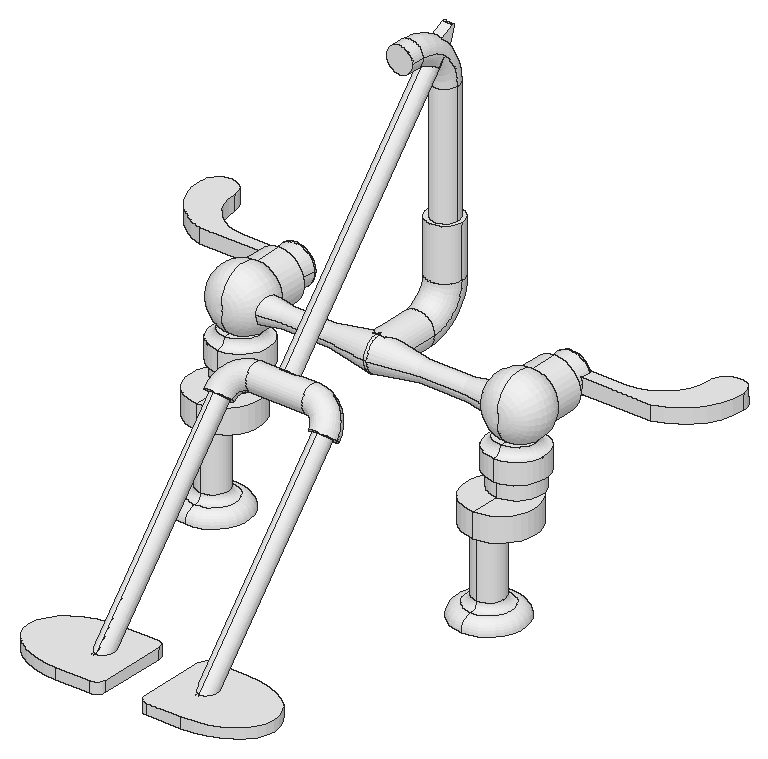
Revit family "Faucet-Wall_Mounted-American_Standard-Yoke-8355_Series", category Plumbing Fixtures, host Face, Revit 2018
Family settings
  Host = Face
  Round Connector Dimension = Use Diameter
  Part Type = Normal
  OmniClass Number = 23.45.55.17
  OmniClass Title = Mixing Faucets
  Cut with Voids When Loaded = No
  Shared = Yes
  Room Calculation Point = No
Parameters (values of type "8355.101.002")
  Width = 2 3/4"
  Waste Connection = no
  WFU = 0
  Vent Connection = no
  Vacuum Breaker = no
  URL = "http://www.americanstandard-us.com"
  Type Comments = ""
  Specification = "Exposed Yoke Wall-Mount Utility Faucet with Vacuum Breaker Bottom fork brace. Cast brass spout with vacuum breaker. Ceramic disc valves. Integral supply stops. Offset shanks with integral check valves. Vandal-resistant Wrist Blade Handles. Bucket hook. 3/4\" threaded hose end. 1/2\" NPT female inlets. Adjustable centers-to-centers: 6\"-10\" (152 - 254 mm)."
  Revised Date = "02/08/2017"  # constant formula
  Product Page URL = "https://www.americanstandard-us.com/bathroom/commercial-faucets/service-sink-faucet-with-bottom-brace-6-inch-spout-supply-stops-offset-shanks-21639"
  Product Documentation Link = "https://www.americanstandard-us.com/-/media/sites/asus/files/product-specs/bulk/specsheet8355101.pdf?la=en"
  Price = "Prices may vary. Please consult Manufacturer Representative for most up-to-date price list."  # constant formula
  Model = "8355.101.002"
  Material = "Metal-American_Standard-002-Polished_Chrome"
  Manufacturer = "American Standard"
  Length = 5 7/8"
  Installation Type = "Wall Mounted"
  Hot Water Connection Diameter = 1/2"  # constant formula
  Height = 2 3/4"
  HWFU = 1.5
  HW Connection = yes
  Description = "Exposed Yoke Wall-Mount Utility Faucet With Bottom Fork Brace and Offset Shanks."
  Default Elevation = 36"
  Creation Date = "28/2/2012"  # constant formula
  Cold Water Connection Diameter = 1/2"  # constant formula
  CWFU = 1.5
  CW Connection = yes
  Assembly Code = "D2020300"
  ADA Compliant = yes
Types (3): name | Vacuum Breaker | Model
  (no name) | no | "8355.101.002"
  8355.101.002 | no | "8355.101.002"
  8355.110.002 | yes | "8355.110.002"
Reference planes (in)
  plane 1 "Center (Front/Back)": y = 0
  plane 2: z = 0
  plane 3 "Center (Left/Right)": x = 0
  plane 4: y = 4.88432
  plane 5: x = -4
  plane 6: x = 4
  plane 7: x = -7.875
  plane 8: x = 7.875
  plane 9: z = 12.25
  plane 10: y = 2.40003
Forms (in)
  Revolve 1, solid, material "Metal-American Standard-002-Polished Chrome"
    sketch origin (4, 1, 0) x (0, 0, -1) y (0, 1, 0)
      loop
        arc (0, 0) -> (-0.25, -0.10355) -> (-0.35355, -0.35355) r 0.35355
        arc (-0.35355, -0.35355) -> (-0.41764, -0.50828) -> (-0.57237, -0.57237) r 0.21881
        line (-0.57237, -0.57237) -> (-2.25446, -0.57237) -> (-2.25446, -1) -> (0, -1) -> (0, 0)
      axis (0, -1) -> (-2.25446, -1)
    angle from 0 to 360
  Revolve 2, solid, material "Metal-American Standard-002-Polished Chrome"
    sketch origin (4, 1, 0) x (0, 0, -1) y (0, 1, 0)
      loop
        line (-2.25446, -0.57237) -> (-2.25446, 0.42763) -> (-2.94317, 0.42763) -> (-2.94317, -0.57237) -> (-2.25446, -0.57237)
      axis (-2.25446, -0.57237) -> (-2.94317, -0.57237)
    angle from 0 to 360
  Revolve 3, solid, material "Metal-American Standard-002-Polished Chrome"
    sketch origin (4, 1.57237, 0) x (0, 0, -1) y (0, 1, 0)
      loop
        line (-4.25, 0) -> (-4.25, -0.57237) -> (-2.94317, -0.57237) -> (-2.94317, 0.14018) -> (-3.40569, 0.14018) -> (-3.40569, 0.2532) -> (-3.9968, 0.2532)
        arc (-3.9968, 0.2532) -> (-4.07096, 0.07416) -> (-4.25, 0) r 0.2532
      axis (-2.94317, -0.57237) -> (-4.25, -0.57237)
    angle from 0 to 360
  Revolve 4, solid, material "Metal-American Standard-002-Polished Chrome"
    sketch origin (-4, 1, 0) x (0, 0, -1) y (0, -1, 0)
      loop
        line (0, 0) -> (0, 1) -> (-2.25446, 1) -> (-2.25446, 0.57237) -> (-0.57237, 0.57237)
        arc (-0.57237, 0.57237) -> (-0.41764, 0.50828) -> (-0.35355, 0.35355) r 0.21881
        arc (-0.35355, 0.35355) -> (-0.25, 0.10355) -> (0, 0) r 0.35355
      axis (0, 1) -> (-2.25446, 1)
    angle from 0 to 360
  Revolve 5, solid, material "Metal-American Standard-002-Polished Chrome"
    sketch origin (-4, 1, 0) x (0, 0, -1) y (0, -1, 0)
      loop
        line (-2.25446, 0.57237) -> (-2.94317, 0.57237) -> (-2.94317, -0.42763) -> (-2.25446, -0.42763) -> (-2.25446, 0.57237)
      axis (-2.25446, 0.57237) -> (-2.94317, 0.57237)
    angle from 0 to 360
  Revolve 6, solid, material "Metal-American Standard-002-Polished Chrome"
    sketch origin (-4, 1.57237, 0) x (0, 0, -1) y (0, -1, 0)
      loop
        arc (-4.25, 0) -> (-4.07096, -0.07416) -> (-3.9968, -0.2532) r 0.2532
        line (-3.9968, -0.2532) -> (-3.40569, -0.2532) -> (-3.40569, -0.14018) -> (-2.94317, -0.14018) -> (-2.94317, 0.57237) -> (-4.25, 0.57237) -> (-4.25, 0)
      axis (-2.94317, 0.57237) -> (-4.25, 0.57237)
    angle from 0 to 360
  Revolve 7, solid, material "Metal-American Standard-002-Polished Chrome"
    sketch origin (-4, 1, 0) x (0, 0, -1) y (0, -1, 0)
      loop
        line (-4.97838, 0.68627) -> (-4.97838, -1.65156) -> (-4.52989, -1.65156)
        arc (-4.52989, -1.65156) -> (-4.49894, -1.63975) -> (-4.48373, -1.61033) r 0.04646
        arc (-4.48373, -1.61033) -> (-4.40668, -1.46138) -> (-4.25, -1.4016) r 0.23522
        line (-4.25, -1.4016) -> (-4.25, -0.60604)
        arc (-4.25, -0.60604) -> (-4.18176, 0.28384) -> (-4.97838, 0.68627) r 0.80235
      axis (-4.97838, 0.68627) -> (-4.97838, -1.65156)
    angle from 0 to 360
  Revolve 8, solid, material "Metal-American Standard-002-Polished Chrome"
    sketch origin (0, 0.37321, 5) x (-1, 0, 0) y (0, -1, 0)
      loop
        line (3.50297, -1.95761) -> (3.43409, -2.61296)
        arc (3.43409, -2.61296) -> (3.44752, -2.65431) -> (3.48724, -2.67199) r 0.05345
        line (3.48724, -2.67199) -> (4, -2.67199) -> (4, -1.95761) -> (3.50297, -1.95761)
      axis (4, -1.95761) -> (4, -2.67199)
    angle from 0 to 360
  Extrusion 9, solid, material "Metal-American Standard-002-Polished Chrome"
    sketch origin (0, 0.37126, 0) x (-1, 0, 0) y (0, -1, 0)
      loop
        line (4, -2.67345) -> (5.53539, -2.67345)
        arc (5.53539, -2.67345) -> (6.48264, -3.06581) -> (6.875, -4.01306) r 1.33961
        arc (6.875, -4.01306) -> (7.375, -4.51306) -> (7.875, -4.01306) r 0.5
        arc (7.875, -4.01306) -> (7.49949, -2.93471) -> (6.53539, -2.32284) r 1.7361
        line (6.53539, -2.32284) -> (4, -2.32284) -> (4, -2.67345)
      loop
        line (-4, -2.67345) -> (-4, -2.32284) -> (-6.53539, -2.32284)
        arc (-6.53539, -2.32284) -> (-7.49949, -2.93471) -> (-7.875, -4.01306) r 1.7361
        arc (-7.875, -4.01306) -> (-7.375, -4.51306) -> (-6.875, -4.01306) r 0.5
        arc (-6.875, -4.01306) -> (-6.48264, -3.06581) -> (-5.53539, -2.67345) r 1.33961
        line (-5.53539, -2.67345) -> (-4, -2.67345)
    from 4.7717 to 5.19353
  Revolve 10, solid, material "Metal-American Standard-002-Polished Chrome"
    sketch origin (0, 1, 4.97838) x (1, 0, 0) y (0, 1, 0)
      loop
        arc (-0.03663, 0.49131) -> (-2.01882, 0.26368) -> (-4, 0.5) r 8.5806
        line (-4, 0.5) -> (-4, 0) -> (0, 0) -> (4, 0) -> (4, 0.5)
        arc (4, 0.5) -> (2.01882, 0.26368) -> (0.03663, 0.49131) r 8.5806
        arc (0.03663, 0.49131) -> (0, 0.49555) -> (-0.03663, 0.49131) r 0.16007
      axis (4, 0) -> (-4, 0)
    angle from 0 to 360
  Sweep 11, solid, material "Metal-American Standard-002-Polished Chrome"
    path origin (0, 1, 0) x (0, 0, -1) y (0, 1, 0)
      loop
        line (-4.97838, 0) -> (-4.97838, 1.4016)
        arc (-4.97838, 1.4016) -> (-5.27355, 2.11419) -> (-5.98613, 2.40935) r 1.00775
        line (-5.98613, 2.40935) -> (-7.48613, 2.40935)
    profile origin (0, 1.7008, 4.97838) x (0, 0, 1) y (1, 0, 0)
      loop
        circle (0, 0) r 0.5
  Sweep 12, solid, material "Metal-American Standard-002-Polished Chrome"
    path origin (0, 1, 0) x (0, 0, -1) y (0, 1, 0)
      loop
        line (-7.48613, 2.40935) -> (-10.98763, 2.40935)
        arc (-10.98763, 2.40935) -> (-11.88026, 2.03961) -> (-12.25, 1.14698) r 1.26237
        line (-12.25, 1.14698) -> (-12.25, 0.76577)
    profile origin (0, 3.40935, 9.23688) x (0, -1, 0) y (1, 0, 0)
      loop
        circle (0, 0) r 0.375
  Extrusion 13, solid, material "Metal-American Standard-002-Polished Chrome"
    sketch origin (0, 1, 0) x (1, 0, 0) y (0, 1, 0)
      loop
        arc (0.81593, -7) -> (0.63916, -7.07322) -> (0.56593, -7.25) r 0.25
        line (0.56593, -7.25) -> (0.56593, -9.18114)
        arc (0.56593, -9.18114) -> (0.63916, -9.35792) -> (0.81593, -9.43114) r 0.25
        line (0.81593, -9.43114) -> (1.81593, -9.43114)
        spline (1.81593, -9.43114) -> (2.26887, -9.38972) -> (2.69093, -9.26829) -> (3.05337, -9.07511) -> (3.33148, -8.82336) -> (3.5063, -8.53019) -> (3.56593, -8.21557) -> (3.5063, -7.90096) -> (3.33148, -7.60779) -> (3.05337, -7.35603) -> (2.69093, -7.16286) -> (2.26887, -7.04142) -> (1.81593, -7)
        line (1.81593, -7) -> (0.81593, -7)
    from 0 to 0.3031
  Extrusion 14, solid, material "Metal-American Standard-002-Polished Chrome"
    sketch origin (0, 1, 0) x (-1, 0, 0) y (0, -1, 0)
      loop
        line (0.81593, 7) -> (1.81593, 7)
        spline (1.81593, 7) -> (2.26887, 7.04142) -> (2.69093, 7.16286) -> (3.05337, 7.35603) -> (3.33148, 7.60779) -> (3.5063, 7.90096) -> (3.56593, 8.21557) -> (3.5063, 8.53019) -> (3.33148, 8.82336) -> (3.05337, 9.07511) -> (2.69093, 9.26829) -> (2.26887, 9.38972) -> (1.81593, 9.43114)
        line (1.81593, 9.43114) -> (0.81593, 9.43114)
        arc (0.81593, 9.43114) -> (0.63916, 9.35792) -> (0.56593, 9.18114) r 0.25
        line (0.56593, 9.18114) -> (0.56593, 7.25)
        arc (0.56593, 7.25) -> (0.63916, 7.07322) -> (0.81593, 7) r 0.25
      loop
        arc (-0.81593, 7) -> (-0.63916, 7.07322) -> (-0.56593, 7.25) r 0.25
        line (-0.56593, 7.25) -> (-0.56593, 9.18114)
        arc (-0.56593, 9.18114) -> (-0.63916, 9.35792) -> (-0.81593, 9.43114) r 0.25
        line (-0.81593, 9.43114) -> (-1.81593, 9.43114)
        spline (-1.81593, 9.43114) -> (-2.26887, 9.38972) -> (-2.69093, 9.26829) -> (-3.05337, 9.07511) -> (-3.33148, 8.82336) -> (-3.5063, 8.53019) -> (-3.56593, 8.21557) -> (-3.5063, 7.90096) -> (-3.33148, 7.60779) -> (-3.05337, 7.35603) -> (-2.69093, 7.16286) -> (-2.26887, 7.04142) -> (-1.81593, 7)
        line (-1.81593, 7) -> (-0.81593, 7)
    from 0 to 0.3031
  Sweep 15, solid, material "Metal-American Standard-002-Polished Chrome"
    path origin (0, 0.98768, 0.57182) x (0, 0.069756, -0.997564) y (0, 0.997564, 0.069756)
      loop
        line (-0.10953, -8.19357) -> (-4.97838, -3.32471)
    profile origin (0, -4.93489, 2.70784) x (0, -0.75471, 0.656059) y (1, 0, 0)
      loop
        circle (0, 1.5) r 0.25
  Sweep 16, solid, material "Metal-American Standard-002-Polished Chrome"
    path origin (0, 0.98768, 0.57182) x (0, 0.069756, -0.997564) y (0, -0.997564, -0.069756)
      loop
        line (-0.10953, 8.19357) -> (-4.97838, 3.32471)
    profile origin (0, -4.93489, 2.70784) x (0, 0.75471, -0.656059) y (-1, 0, 0)
      loop
        circle (0, 1.5) r 0.25
  Sweep 17, solid, material "Metal-American Standard-002-Polished Chrome"
    path origin (0, -1.62336, 1.75402) x (1, 0, 0) y (0, -0.656059, -0.75471)
      loop
        arc (-1.51931, -1.658) -> (-1.3122, -2.158) -> (-0.8122, -2.3651) r 0.70711
        line (-0.8122, -2.3651) -> (0.8122, -2.3651)
        arc (0.8122, -2.3651) -> (1.3122, -2.158) -> (1.51931, -1.658) r 0.70711
    profile origin (-1.3122, -0.20759, 3.38268) x (0.707107, -0.463904, -0.53366) y (0, 0.75471, -0.656059)
      loop
        circle (0, -3.125) r 0.375
  Sweep 18, solid, material "Metal-American Standard-002-Polished Chrome"
    path origin (0, 0.98768, 0.57182) x (0, 0.069756, -0.997564) y (0, 0.997564, 0.069756)
      loop
        line (-5.48601, -2.81709) -> (-11.19058, 2.88749)
    profile origin (0, 0.44115, 8.89226) x (0, -0.75471, 0.656059) y (1, 0, 0)
      loop
        circle (0, 0) r 0.25
  Extrusion 19, solid, material "Metal-American Standard-002-Polished Chrome"
    sketch origin (0, 1.55429, 1.21656) x (0, 0.069756, -0.997564) y (0, 0.997564, 0.069756)
      loop
        line (-10.37804, 2.49163) -> (-11.03557, 2.77073)
        arc (-11.03557, 2.77073) -> (-11.0676, 2.76451) -> (-11.07383, 2.73247) r 0.02918
        line (-11.07383, 2.73247) -> (-10.79473, 2.07495) -> (-10.37804, 2.49163)
    from -0.14398 to 0.14398
  Revolve 20, solid, material "Metal-American Standard-002-Polished Chrome"
    sketch origin (4, 1, 0) x (0, 0, -1) y (0, 1, 0)
      loop
        arc (-4.97838, -0.68627) -> (-4.18176, -0.28384) -> (-4.25, 0.60604) r 0.80235
        line (-4.25, 0.60604) -> (-4.25, 1.4016)
        arc (-4.25, 1.4016) -> (-4.40668, 1.46138) -> (-4.48373, 1.61033) r 0.23522
        arc (-4.48373, 1.61033) -> (-4.49894, 1.63975) -> (-4.52989, 1.65156) r 0.04646
        line (-4.52989, 1.65156) -> (-4.97838, 1.65156) -> (-4.97838, -0.68627)
      axis (-4.97838, -0.68627) -> (-4.97838, 1.65156)
    angle from 0 to 360
  Revolve 21, solid, material "Metal-American Standard-002-Polished Chrome"
    sketch origin (0, 0.37321, 5) x (1, 0, 0) y (0, 1, 0)
      loop
        line (3.50297, 1.95761) -> (4, 1.95761) -> (4, 2.67199) -> (3.48724, 2.67199)
        arc (3.48724, 2.67199) -> (3.44752, 2.65431) -> (3.43409, 2.61296) r 0.05345
        line (3.43409, 2.61296) -> (3.50297, 1.95761)
      axis (4, 1.95761) -> (4, 2.67199)
    angle from 0 to 360
  Revolve 22, solid, material "Metal-American Standard-002-Polished Chrome", visible <- "Vacuum Breaker"
    sketch origin (0, 1.00932, 0) x (0, 1, 0) y (0, 0, 1)
      loop
        arc (0.75645, 12.625) -> (0.71855, 12.6629) -> (0.68065, 12.625) r 0.0379
        arc (0.68065, 12.625) -> (0.64275, 12.6629) -> (0.60485, 12.625) r 0.0379
        arc (0.60485, 12.625) -> (0.56695, 12.6629) -> (0.52905, 12.625) r 0.0379
        arc (0.52905, 12.625) -> (0.49115, 12.6629) -> (0.45325, 12.625) r 0.0379
        arc (0.45325, 12.625) -> (0.41536, 12.6629) -> (0.37746, 12.625) r 0.0379
        arc (0.37746, 12.625) -> (0.33956, 12.6629) -> (0.30166, 12.625) r 0.0379
        arc (0.30166, 12.625) -> (0.26376, 12.6629) -> (0.22586, 12.625) r 0.0379
        arc (0.22586, 12.625) -> (0.18796, 12.6629) -> (0.15006, 12.625) r 0.0379
        arc (0.15006, 12.625) -> (0.11216, 12.6629) -> (0.07426, 12.625) r 0.0379
        arc (0.07426, 12.625) -> (0.03636, 12.6629) -> (-0.00154, 12.625) r 0.0379
        line (-0.00154, 12.625) -> (-0.00154, 12.25) -> (0.75645, 12.25) -> (0.75645, 12.625)
      axis (-0.00154, 12.25) -> (0.75645, 12.25)
    angle from 0 to 360
  Revolve 23, solid, material "Metal-American Standard-002-Polished Chrome", visible <- "Vacuum Breaker"
    sketch origin (0, 3.43715, 7.37132) x (0, 0, -1) y (0, -1, 0)
      loop
        line (-1.91341, 0.0278) -> (-1.91341, -0.40669) -> (-1.81036, -0.40669) -> (-1.81036, -0.45969)
        arc (-1.81036, -0.45969) -> (-1.71118, -0.52733) -> (-1.66211, -0.6369) r 0.22061
        arc (-1.66211, -0.6369) -> (-0.81538, -0.93685) -> (-0.03297, -0.49555) r 1.08453
        line (-0.03297, -0.49555) -> (-0.03297, -0.38346) -> (0.0363, -0.38346) -> (0.0363, 0.0278) -> (-1.91341, 0.0278)
      axis (0.0363, 0.0278) -> (-1.91341, 0.0278)
    angle from 0 to 360
  Revolve 24, solid, material "Metal-American Standard-002-Polished Chrome", visible <- "Vacuum Breaker"
    sketch origin (0, 3.43715, 7.37132) x (0, 0, -1) y (0, -1, 0)
      loop
        line (-0.92167, -0.66521) -> (-0.92167, -1.98598)
        arc (-0.92167, -1.98598) -> (-0.82908, -1.9822) -> (-0.749, -1.93557) r 0.19236
        line (-0.749, -1.93557) -> (-0.60176, -1.93557)
        arc (-0.60176, -1.93557) -> (-0.31018, -1.87257) -> (-0.07061, -1.69482) r 0.70628
        line (-0.07061, -1.69482) -> (-0.07061, -0.90895) -> (-0.23596, -0.90895) -> (-0.23596, -0.79685)
        arc (-0.23596, -0.79685) -> (-0.22921, -0.72968) -> (-0.20922, -0.66521) r 0.33733
        line (-0.20922, -0.66521) -> (-0.92167, -0.66521)
      axis (-0.92167, -0.66521) -> (-0.92167, -1.98598)
    angle from 0 to 360
Lines and regions (in)
  Masking region 1
    outline origin (0, 0, 0) x (1, 0, 0) y (0, 0, 1)
      loop
        line (-4.86607, 5.19353) -> (-7.875, 5.19353) -> (-7.875, 4.7717) -> (-4.8778, 4.7717)
        arc (-4.8778, 4.7717) -> (-4.75076, 4.47786) -> (-4.52591, 4.25) r 0.86868
        line (-4.52591, 4.25) -> (-4.57237, 4.25)
        arc (-4.57237, 4.25) -> (-4.64651, 4.07093) -> (-4.82557, 3.99676) r 0.2532
        line (-4.82557, 3.99676) -> (-4.82557, 3.40569) -> (-4.71254, 3.40569) -> (-4.71254, 2.94317) -> (-5.00012, 2.94317) -> (-5.00012, 2.25396) -> (-4.42769, 2.25396) -> (-4.42769, 0.56296)
        arc (-4.42769, 0.56296) -> (-4.50449, 0.40834) -> (-4.66829, 0.35381) r 0.22474
        arc (-4.66829, 0.35381) -> (-4.90398, 0.24286) -> (-4.99822, 0) r 0.35088
        line (-4.99822, 0) -> (-0.56593, 0) -> (-0.56593, 0.3031) -> (-1.24928, 0.3031) -> (-1.24928, 4.6811)
        arc (-1.24928, 4.6811) -> (-0.72632, 4.61754) -> (-0.20795, 4.52368) r 9.05598
        arc (-0.20795, 4.52368) -> (0.00427, 4.47694) -> (0.2161, 4.52539) r 0.49601
        arc (0.2161, 4.52539) -> (0.73044, 4.61816) -> (1.24928, 4.6811) r 9.05598
        line (1.24928, 4.6811) -> (1.24928, 0.3031) -> (0.56593, 0.3031) -> (0.56593, 0) -> (4.99822, 0)
        arc (4.99822, 0) -> (4.90398, 0.24286) -> (4.66829, 0.35381) r 0.35088
        arc (4.66829, 0.35381) -> (4.50449, 0.40834) -> (4.42769, 0.56296) r 0.22474
        line (4.42769, 0.56296) -> (4.42769, 2.25396) -> (5.00012, 2.25396) -> (5.00012, 2.94317) -> (4.71254, 2.94317) -> (4.71254, 3.40569) -> (4.82557, 3.40569) -> (4.82557, 3.99676)
        arc (4.82557, 3.99676) -> (4.64651, 4.07093) -> (4.57237, 4.25) r 0.2532
        line (4.57237, 4.25) -> (4.52591, 4.25)
        arc (4.52591, 4.25) -> (4.75076, 4.47786) -> (4.8778, 4.7717) r 0.86868
        line (4.8778, 4.7717) -> (7.875, 4.7717) -> (7.875, 5.19353) -> (4.86607, 5.19353)
        arc (4.86607, 5.19353) -> (4.06925, 5.88008) -> (3.17071, 5.33336) r 0.89399
        arc (3.17071, 5.33336) -> (2.52253, 5.26367) -> (1.87085, 5.24589) r 8.17121
        arc (1.87085, 5.24589) -> (1.47616, 5.77693) -> (0.84215, 5.96619) r 1.04926
        line (0.84215, 5.96619) -> (0.5, 5.96619) -> (0.5, 7.48613) -> (0.375, 7.48613) -> (0.375, 12.25)
        arc (0.375, 12.25) -> (0, 12.625) -> (-0.375, 12.25) r 0.375
        line (-0.375, 12.25) -> (-0.375, 7.48613) -> (-0.5, 7.48613) -> (-0.5, 5.96619) -> (-0.84215, 5.96619)
        arc (-0.84215, 5.96619) -> (-1.47616, 5.77693) -> (-1.87085, 5.24589) r 1.04926
        arc (-1.87085, 5.24589) -> (-2.52253, 5.26367) -> (-3.17071, 5.33336) r 8.17121
        arc (-3.17071, 5.33336) -> (-4.06925, 5.88008) -> (-4.86607, 5.19353) r 0.89399
      loop
        arc (-3.16528, 4.63503) -> (-3.29176, 4.42012) -> (-3.47409, 4.25) r 0.86868
        line (-3.47409, 4.25) -> (-3.42763, 4.25)
        arc (-3.42763, 4.25) -> (-3.35349, 4.07093) -> (-3.17443, 3.99676) r 0.2532
        line (-3.17443, 3.99676) -> (-3.17443, 3.40569) -> (-3.28746, 3.40569) -> (-3.28746, 2.94317) -> (-2.99988, 2.94317) -> (-2.99988, 2.25396) -> (-3.57231, 2.25396) -> (-3.57231, 0.56296)
        arc (-3.57231, 0.56296) -> (-3.49551, 0.40834) -> (-3.33171, 0.35381) r 0.22474
        arc (-3.33171, 0.35381) -> (-3.2477, 0.33838) -> (-3.1699, 0.3031) r 0.35088
        line (-3.1699, 0.3031) -> (-1.74958, 0.3031) -> (-1.74958, 4.70922)
        arc (-1.74958, 4.70922) -> (-2.45879, 4.69814) -> (-3.16528, 4.63503) r 9.65483
      loop
        arc (3.16528, 4.63503) -> (2.45879, 4.69814) -> (1.74958, 4.70922) r 9.65483
        line (1.74958, 4.70922) -> (1.74958, 0.3031) -> (3.1699, 0.3031)
        arc (3.1699, 0.3031) -> (3.2477, 0.33838) -> (3.33171, 0.35381) r 0.35088
        arc (3.33171, 0.35381) -> (3.49551, 0.40834) -> (3.57231, 0.56296) r 0.22474
        line (3.57231, 0.56296) -> (3.57231, 2.25396) -> (2.99988, 2.25396) -> (2.99988, 2.94317) -> (3.28746, 2.94317) -> (3.28746, 3.40569) -> (3.17443, 3.40569) -> (3.17443, 3.99676)
        arc (3.17443, 3.99676) -> (3.35349, 4.07093) -> (3.42763, 4.25) r 0.2532
        line (3.42763, 4.25) -> (3.47409, 4.25)
        arc (3.47409, 4.25) -> (3.29176, 4.42012) -> (3.16528, 4.63503) r 0.86868
  Masking region 2, visible <- "Vacuum Breaker"
    outline origin (0, 0, 0) x (1, 0, 0) y (0, 0, 1)
      loop
        line (-0.43449, 9.28474) -> (-0.43449, 9.18169) -> (-0.48749, 9.18169)
        arc (-0.48749, 9.18169) -> (-0.55653, 9.08416) -> (-0.66471, 9.03343) r 0.23401
        arc (-0.66471, 9.03343) -> (-0.9746, 8.28343) -> (-0.66471, 7.53343) r 1.06253
        arc (-0.66471, 7.53343) -> (-0.59555, 7.46721) -> (-0.52336, 7.4043) r 2.04238
        line (-0.52336, 7.4043) -> (0.52336, 7.4043)
        arc (0.52336, 7.4043) -> (0.59555, 7.46721) -> (0.66471, 7.53343) r 2.04238
        arc (0.66471, 7.53343) -> (0.9746, 8.28343) -> (0.66471, 9.03343) r 1.06253
        arc (0.66471, 9.03343) -> (0.55653, 9.08416) -> (0.48749, 9.18169) r 0.23401
        line (0.48749, 9.18169) -> (0.43449, 9.18169) -> (0.43449, 9.28474) -> (0, 9.28474) -> (-0.43449, 9.28474)
      loop
        line (0.375, 12.07548) -> (0.375, 12.25)
        arc (0.375, 12.25) -> (0, 12.625) -> (-0.375, 12.25) r 0.375
        line (-0.375, 12.25) -> (-0.375, 12.07548)
        arc (-0.375, 12.07548) -> (0, 12.66924) -> (0.375, 12.07548) r 0.4153
  symbolic lines, detail levels medium+fine
    curve 1: line (4.88987, 0, 5.19353) -> (4.52835, 0, 5.19353)
    curve 2: line (4.88987, 0, 4.7717) -> (4.52835, 0, 4.7717)
    curve 3: arc (4.52835, 0, 5.19353) -> (3.41991, 0, 4.98261) -> (4.52835, 0, 4.7717) r 0.57429
    curve 4: line (-4.88987, 0, 5.19353) -> (-4.52835, 0, 5.19353)
    curve 5: line (-4.88987, 0, 4.7717) -> (-4.52835, 0, 4.7717)
    curve 6: arc (-4.52835, 0, 5.19353) -> (-3.41991, 0, 4.98261) -> (-4.52835, 0, 4.7717) r 0.57429
    curve 20: line (0.5, 0, 5.97838) -> (0.5, 0, 4.97838)
    curve 21: line (-0.5, 0, 5.97838) -> (-0.5, 0, 4.97838)
    curve 22: arc (0.5, 0, 4.97838) -> (0, 0, 4.47838) -> (-0.5, 0, 4.97838) r 0.5
  symbolic lines, detail levels fine
    curve 7: line (4.71254, 0, 3.40569) -> (3.28746, 0, 3.40569)
    curve 8: line (3.28746, 0, 2.94317) -> (4.71254, 0, 2.94317)
    curve 9: line (4.42763, 0, 2.25446) -> (3.57237, 0, 2.25446)
    curve 10: line (1.74971, 0, 0.3031) -> (1.2296, 0, 0.3031)
    curve 11: line (-1.75447, 0, 0.3031) -> (-1.22043, 0, 0.3031)
    curve 12: line (-3.57237, 0, 2.25446) -> (-4.42763, 0, 2.25446)
    curve 13: line (-4.71254, 0, 2.94317) -> (-3.28746, 0, 2.94317)
    curve 14: line (-3.28746, 0, 3.40569) -> (-4.71254, 0, 3.40569)
    curve 15: line (-4.82557, 0, 3.9968) -> (-3.17443, 0, 3.9968)
    curve 16: line (-3.42763, 0, 4.25) -> (-4.57237, 0, 4.25)
    curve 17: line (3.42763, 0, 4.25) -> (4.57237, 0, 4.25)
    curve 18: arc (1.87032, 0, 5.24757) -> (1.18247, 0, 5.28249) -> (0.5, 0, 5.37515) r 8.17823
    curve 19: arc (-3.16785, 0, 5.32417) -> (-1.83193, 0, 5.2462) -> (-0.5, 0, 5.37562) r 8.63338
    curve 23: arc (4.69844, 0, 4.7717) -> (3.27163, 0, 4.97396) -> (4.69588, 0, 5.19353) r 0.72838
    curve 24: arc (-4.69844, 0, 4.7717) -> (-3.27163, 0, 4.97396) -> (-4.69588, 0, 5.19353) r 0.72838
    curve 25: line (3.33171, 0, 0.35381) -> (4.66829, 0, 0.35381)
    curve 26: line (-3.33171, 0, 0.35381) -> (-4.71254, 0, 0.35381)
    curve 27: arc (-3.17242, 0, 0.30235) -> (-3.04463, 0, 0.17456) -> (-2.99786, 0, 0) r 0.34911
    curve 28: arc (3.17242, 0, 0.30235) -> (3.04463, 0, 0.17456) -> (2.99786, 0, 0) r 0.34911
    curve 29: arc (1.2497, 0, 4.68174) -> (1.49901, 0, 4.70137) -> (1.74901, 0, 4.70791) r 4.7671
    curve 30: arc (-1.75079, 0, 4.71009) -> (-1.50022, 0, 4.69941) -> (-1.25004, 0, 4.68184) r 9.12651
  symbolic lines, visible <- "Vacuum Breaker", detail levels medium+fine
    curve 31: circle (0, 0, 8.29299) r 0.85105 normal (0, -1, 0)
  symbolic lines, visible <- "Vacuum Breaker", detail levels fine
    curve 32: circle (0, 0, 8.29299) r 0.17267 normal (0, -1, 0)
    curve 33: line (0.66471, 0, 9.03343) -> (0.41957, 0, 9.03343)
    curve 34: line (-0.66471, 0, 9.03343) -> (-0.41957, 0, 9.03343)
    curve 35: line (-0.48749, 0, 9.18169) -> (0.48749, 0, 9.18169)
    curve 36: line (0.43449, 0, 9.28474) -> (-0.43449, 0, 9.28474)
Dimensions and locks (in)
  plane 7 to plane 8 = 15 3/4"
  plane 5 to plane 6 = 8"
  plane 4 to plane 1 "Center (Front/Back)" = 4.88432"
  aligned and locked: plane 2 to host face
  aligned and locked: level to host face
Connectors (in)
  piping at (-4, 0, 0), diameter 0.5, driven by "HWFU", driven by "Hot Water Connection Diameter"
    settings: on Revolve 4, index 1, connector inside diameter 24", connector length 0", flow factor 0, pipe flow 0 GPM, pressure drop 0.00 psi, fitting loss kfactor 0, connector angle 0.00°, fixture units 1.5, engagement length 0", angle of deflection 0.00°, flow configuration 3, flow direction 1, fitting loss method 0, system type 19, joint type 0, gender type 0, connector reference index -1, connector utility 0, adjustable connector no, is connector primary yes, connector description "1/2\" HW NPT Female"
  piping at (4, 0, 0), diameter 0.5, driven by "CWFU", driven by "Cold Water Connection Diameter"
    settings: on Revolve 1, index 2, connector inside diameter 24", connector length 0", flow factor 0, pipe flow 0 GPM, pressure drop 0.00 psi, fitting loss kfactor 0, connector angle 0.00°, fixture units 1.5, engagement length 0", angle of deflection 0.00°, flow configuration 3, flow direction 1, fitting loss method 0, system type 20, joint type 0, gender type 0, connector reference index -1, connector utility 0, adjustable connector no, is connector primary no, connector description "1/2\" CW NPT Female"
